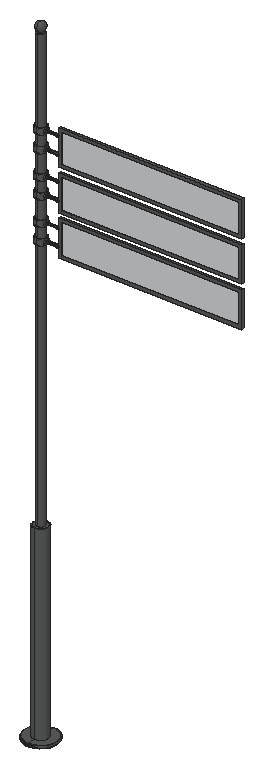
Revit family "Указатель стальной высокий арт.487", category Антураж, Revit 2017
Family settings
  На основе рабочей плоскости = Нет
  Всегда вертикально = Да
  При загрузке вырезать с полостями = Нет
  Источник визуального образа = Геометрия семейства
  Общий = Нет
  Точка расчета площади = Нет
Parameters (values of type "Указатель стальной высокий арт. 487")
  Стоимость = 10584
  Изготовитель = "ООО \"Хоббика\""
  Высота = 0 mm
  URL = "https://hobbyka.ru/product/ukazatel_stalnoi_vysokii_art_487/?sphrase_id=69583"
  ADSK_Размер_Ширина = 175 mm
  ADSK_Размер_Высота = 3450 mm
  ADSK_Наименование = "Указатель стальной высокий арт. 487"
  ADSK_Материал Опоры/Щита = Чугун, серый
  ADSK_Код изделия = "7371"
Reference planes
  plane 1 "По центру (Вперед/Назад)": y = 0
  plane 2: z = 0
  plane 3 "По центру (Влево/Вправо)": x = 0
Forms (mm)
  Revolve 1, solid, material "Чугун, серый" <- "ADSK_Материал Опоры/Щита"
    sketch origin (0, 0, 0) x (0, 1, 0) y (0, 0, 1)
      loop
        line (-87.1, 1.602) -> (-85.48, 0) -> (0, 0) -> (0, 3456.281)
        arc (0, 3456.281) -> (-23.882, 3435.544) -> (-6.7, 3408.99) r 24.12
        line (-6.7, 3408.99) -> (-6.7, 3402.38) -> (-18.562, 3402.38) -> (-20.1, 3400.842) -> (-20.1, 1031.8) -> (-18.76, 1031.8) -> (-18.76, 1030.46) -> (-37.855, 1030.46) -> (-40.2, 1028.115) -> (-40.2, 14.74) -> (-38.86, 14.74) -> (-38.86, 13.4) -> (-85.48, 13.4) -> (-87.1, 11.78) -> (-87.1, 1.602)
      axis (0, 3456.281) -> (0, 0)
    angle from 0 to 360
  Revolve 2, solid, material "Чугун, серый" <- "ADSK_Материал Опоры/Щита"
    sketch origin (0, 0, 0) x (0, 1, 0) y (0, 0, 1)
      loop
        line (0, 2955.583) -> (-27.942, 2955.583) -> (-28.8, 2954.583) -> (-28.8, 2924.583) -> (-27.936, 2923.583) -> (0, 2923.583) -> (0, 2955.583)
      axis (0, 2923.583) -> (0, 2955.583)
    angle from 0 to 360
  Revolve 3, solid, material "Чугун, серый" <- "ADSK_Материал Опоры/Щита"
    sketch origin (0, 0, -90) x (0, 1, 0) y (0, 0, 1)
      loop
        line (0, 2955.583) -> (-27.942, 2955.583) -> (-28.8, 2954.583) -> (-28.8, 2924.583) -> (-27.936, 2923.583) -> (0, 2923.583) -> (0, 2955.583)
      axis (0, 2923.583) -> (0, 2955.583)
    angle from 0 to 360
  Revolve 4, solid, material "Чугун, серый" <- "ADSK_Материал Опоры/Щита"
    sketch origin (0, 0, -222) x (0, 1, 0) y (0, 0, 1)
      loop
        line (0, 2955.583) -> (-27.942, 2955.583) -> (-28.8, 2954.583) -> (-28.8, 2924.583) -> (-27.936, 2923.583) -> (0, 2923.583) -> (0, 2955.583)
      axis (0, 2923.583) -> (0, 2955.583)
    angle from 0 to 360
  Revolve 5, solid, material "Чугун, серый" <- "ADSK_Материал Опоры/Щита"
    sketch origin (0, 0, -312.621) x (0, 1, 0) y (0, 0, 1)
      loop
        line (0, 2955.583) -> (-27.942, 2955.583) -> (-28.8, 2954.583) -> (-28.8, 2924.583) -> (-27.936, 2923.583) -> (0, 2923.583) -> (0, 2955.583)
      axis (0, 2923.583) -> (0, 2955.583)
    angle from 0 to 360
  Revolve 6, solid, material "Чугун, серый" <- "ADSK_Материал Опоры/Щита"
    sketch origin (0, 0, 0) x (1, 0, 0) y (0, 0, 1)
      loop
        line (101.173, 2855.286) -> (30.08, 2855.286) -> (30.08, 2863.989) -> (26.08, 2863.989) -> (26.08, 2849.286) -> (101.173, 2849.286) -> (101.173, 2855.286)
      axis (101.173, 2849.286) -> (26.08, 2849.286)
    angle from 0 to 360
  Revolve 7, solid, material "Чугун, серый" <- "ADSK_Материал Опоры/Щита"
    sketch origin (0, 0, 90) x (1, 0, 0) y (0, 0, 1)
      loop
        line (101.173, 2855.286) -> (30.08, 2855.286) -> (30.08, 2863.989) -> (26.08, 2863.989) -> (26.08, 2849.286) -> (101.173, 2849.286) -> (101.173, 2855.286)
      axis (101.173, 2849.286) -> (26.08, 2849.286)
    angle from 0 to 360
  Revolve 8, solid, material "Чугун, серый" <- "ADSK_Материал Опоры/Щита"
    sketch origin (0, 0, -132) x (1, 0, 0) y (0, 0, 1)
      loop
        line (101.173, 2855.286) -> (30.08, 2855.286) -> (30.08, 2863.989) -> (26.08, 2863.989) -> (26.08, 2849.286) -> (101.173, 2849.286) -> (101.173, 2855.286)
      axis (101.173, 2849.286) -> (26.08, 2849.286)
    angle from 0 to 360
  Revolve 9, solid, material "Чугун, серый" <- "ADSK_Материал Опоры/Щита"
    sketch origin (0, 0, -222.621) x (1, 0, 0) y (0, 0, 1)
      loop
        line (101.173, 2855.286) -> (30.08, 2855.286) -> (30.08, 2863.989) -> (26.08, 2863.989) -> (26.08, 2849.286) -> (101.173, 2849.286) -> (101.173, 2855.286)
      axis (101.173, 2849.286) -> (26.08, 2849.286)
    angle from 0 to 360
  Extrusion 10, solid, material "Чугун, серый" <- "ADSK_Материал Опоры/Щита"
    sketch origin (0, 0, 0) x (1, 0, 0) y (0, 0, 1)
      loop
        line (1071.28, 2966.259) -> (115.78, 2966.259) -> (115.78, 2805.159) -> (1071.28, 2805.159) -> (1071.28, 2966.259)
      loop
        line (101.08, 2790.459) -> (1085.98, 2790.459) -> (1085.98, 2980.959) -> (101.08, 2980.959) -> (101.08, 2790.459)
      loop
        line (1071.28, 2748.259) -> (115.78, 2748.259) -> (115.78, 2587.159) -> (1071.28, 2587.159) -> (1071.28, 2748.259)
      loop
        line (101.08, 2572.459) -> (1085.98, 2572.459) -> (1085.98, 2762.959) -> (101.08, 2762.959) -> (101.08, 2572.459)
      loop
        line (1071.28, 2530.259) -> (115.78, 2530.259) -> (115.78, 2369.159) -> (1071.28, 2369.159) -> (1071.28, 2530.259)
      loop
        line (101.08, 2354.459) -> (1085.98, 2354.459) -> (1085.98, 2544.959) -> (101.08, 2544.959) -> (101.08, 2354.459)
    from -6 to 6
  Extrusion 11, solid
    sketch origin (0, 0, 0) x (1, 0, 0) y (0, 0, 1)
      loop
        line (1071.28, 2966.259) -> (115.78, 2966.259) -> (115.78, 2805.159) -> (1071.28, 2805.159) -> (1071.28, 2966.259)
      loop
        line (1071.28, 2748.259) -> (115.78, 2748.259) -> (115.78, 2587.159) -> (1071.28, 2587.159) -> (1071.28, 2748.259)
      loop
        line (1071.28, 2530.259) -> (115.78, 2530.259) -> (115.78, 2369.159) -> (1071.28, 2369.159) -> (1071.28, 2530.259)
    from -3.49 to 3.5
  Revolve 12, solid, material "Чугун, серый" <- "ADSK_Материал Опоры/Щита"
    sketch origin (0, 0, -444.621) x (0, 1, 0) y (0, 0, 1)
      loop
        line (0, 2955.583) -> (-27.942, 2955.583) -> (-28.8, 2954.583) -> (-28.8, 2924.583) -> (-27.936, 2923.583) -> (0, 2923.583) -> (0, 2955.583)
      axis (0, 2923.583) -> (0, 2955.583)
    angle from 0 to 360
  Revolve 13, solid, material "Чугун, серый" <- "ADSK_Материал Опоры/Щита"
    sketch origin (0, 0, -354.621) x (1, 0, 0) y (0, 0, 1)
      loop
        line (101.173, 2855.286) -> (30.08, 2855.286) -> (30.08, 2863.989) -> (26.08, 2863.989) -> (26.08, 2849.286) -> (101.173, 2849.286) -> (101.173, 2855.286)
      axis (101.173, 2849.286) -> (26.08, 2849.286)
    angle from 0 to 360
  Revolve 14, solid, material "Чугун, серый" <- "ADSK_Материал Опоры/Щита"
    sketch origin (0, 0, -534.621) x (0, 1, 0) y (0, 0, 1)
      loop
        line (0, 2955.583) -> (-27.942, 2955.583) -> (-28.8, 2954.583) -> (-28.8, 2924.583) -> (-27.936, 2923.583) -> (0, 2923.583) -> (0, 2955.583)
      axis (0, 2923.583) -> (0, 2955.583)
    angle from 0 to 360
  Revolve 15, solid, material "Чугун, серый" <- "ADSK_Материал Опоры/Щита"
    sketch origin (0, 0, -444.621) x (1, 0, 0) y (0, 0, 1)
      loop
        line (101.173, 2855.286) -> (30.08, 2855.286) -> (30.08, 2863.989) -> (26.08, 2863.989) -> (26.08, 2849.286) -> (101.173, 2849.286) -> (101.173, 2855.286)
      axis (101.173, 2849.286) -> (26.08, 2849.286)
    angle from 0 to 360
Cuts and joins
  joined: Revolve 1, Revolve 2, Revolve 3, Revolve 4
Dimensions and locks
  aligned and locked: level to plane 2
